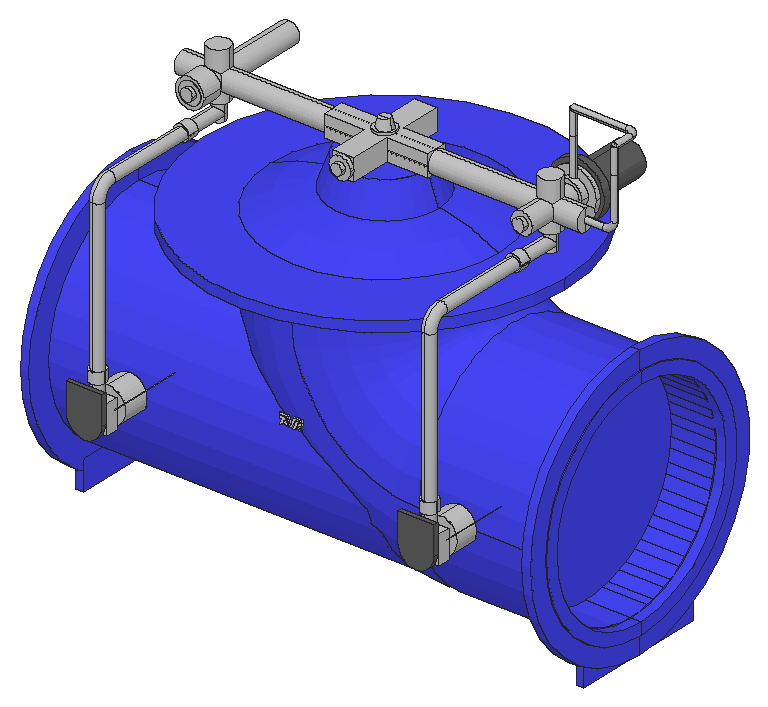
Revit family "859-000X-001 DN350-600", category Pipe Accessories, Revit 2022
Family settings
  Round Connector Dimension = Use Diameter
  Part Type = Valve - Breaks Into
  Work Plane-Based = No
  Always vertical = Yes
  Cut with Voids When Loaded = No
  Shared = No
Parameters (values of type "DN600_PN16 Pilot range ( 0.1 - 1)")
  sweep_box2 = Bolt_Dia / 2  # 22.1 mm
  sweep_box1 = Centre_D * 0.4  # 40 mm
  sweep_H1 = Bonnet_dim1_H * 1.4  # 78.365 mm
  sweep_H = (H3 - D) * 0.65  # 573.95 mm
  sweep_D = size_lookup(Search_table, "sweep_D", 0 mm, DN)  # 34 mm
  sweep1 = sweep_D * 0.5  # 17 mm
  sweep/2 = sweep1 / 2  # 8.5 mm
  sweep = sweep_D * 1.2  # 40.8 mm
  nut_dim = Bonnet_D1 * 0.5  # 231 mm
  dim2 = dim1 * 2.5  # 254.5 mm
  bore2 = D * 0.85  # 327.25 mm
  Sweep_R = sweep1 * 1.5  # 25.5 mm
  L3 = Bonnet_R * 1.1  # 533.61 mm
  dim1 = W1 * 0.2  # 101.8 mm
  centre = Bore1 * 1.3  # 468.234 mm
  W22 = W2 * 0.65  # 330.85 mm
  W2 = size_lookup(Search_table, "W2", 0 mm, DN)  # 509 mm
  W11 = (W1 - sweep_D) * 0.9  # 427.5 mm
  W1 = size_lookup(Search_table, "W1", 0 mm, DN)  # 509 mm
  W = W1 - (sweep_D / 2)  # 492 mm
  URL_product_pages = "https://www.avkvalves.com/P.aspx?no=8590065001140000"
  Thickness1 = Thickness * 1.2  # 21.6 mm
  Thickness = FL_T * 0.6  # 18 mm
  Raised_dis = size_lookup(Search_table, "Raised_dis", 0 mm, DN)  # 5 mm
  Raised_R = (D - Bore) * 0.4  # 33.94 mm
  Nut_T = FL_T * 0.65  # 19.5 mm
  Nut_Dim_T = 0 mm
  Nut_Dim2 = Control_dim1 * 0.4  # 12.128 mm
  Nut_Dim1 = Bolt_Dia * 1.3  # 57.46 mm
  L = size_lookup(Search_table, "L", 0 mm, DN)  # 1450 mm
  H4 = H33 * 2  # 150.993 mm
  H33 = (H3 - (D + Bonnet_dim1_H1)) * 0.3  # 75.496 mm
  H3 = size_lookup(Search_table, "H3", 0 mm, DN)  # 1268 mm
  FL_T = size_lookup(Search_table, "FL_T", 0 mm, DN)  # 30 mm
  DN600_PN16 Pilot range ( 0.1 - 1) = "859-0600-00-1140003"
  DN600_PN16 Pilot range ( 10 - 16) = "859-0600-00-1140002"
  DN600_PN16 Pilot range ( 5 - 10) = "859-0600-00-1140001"
  DN600_PN16 Pilot range ( 0.6 - 6) = "859-0600-00-1140000"
  DN600_PN10 Pilot range ( 0.1 - 1) = "859-0600-00-0140003"
  DN600_PN10 Pilot range ( 5 - 10) = "859-0600-00-0140001"
  DN600_PN10 Pilot range ( 0.6 - 6) = "859-0600-00-0140000"
  DN500_PN16 Pilot range ( 0.1 - 1) = "859-0500-00-1140003"
  DN500_PN16 Pilot range ( 10 - 16) = "859-0500-00-1140002"
  DN500_PN16 Pilot range ( 5 - 10) = "859-0500-00-1140001"
  DN500_PN16 Pilot range ( 0.6 - 6) = "859-0500-00-1140000"
  DN500_PN10 Pilot range ( 0.1 - 1) = "859-0500-00-0140003"
  DN500_PN10 Pilot range ( 5 - 10) = "859-0500-00-0140001"
  DN500_PN10 Pilot range ( 0.6 - 6) = "859-0500-00-0140000"
  DN450_PN10 Pilot range ( 0.1 - 1) = "859-0450-00-0140003"
  D = size_lookup(Search_table, "D", 0 mm, DN) / 2  # 385 mm
  Search_table = "859-000X-001 DN350-600"
  Description_ = "AVK CONTROL VALVE, PRESSURE REDUCING, PN10/16"
  Default Elevation = 0 mm
  DN350_PN16 Pilot range ( 10 - 16) = "859-0350-00-1140002"
  DN350_PN16 Pilot range ( 5 - 10) = "859-0350-00-1140001"
  DN350_PN16 Pilot range ( 0.6 - 6) = "859-0350-00-1140000"
  DN350_PN10 Pilot range ( 5 - 10) = "859-0350-00-0140001"
  DN350_PN10 Pilot range ( 0.6 - 6) = "859-0350-00-0140000"
  DN450_PN16 Pilot range (  0.1 - 1) = "859-0450-00-1140003"
  DN450_PN16 Pilot range ( 10 - 16) = "859-0450-00-1140002"
  DN450_PN16 Pilot range ( 5 - 10) = "859-0450-00-1140001"
  DN450_PN10 Pilot range ( 5 - 10) = "859-0450-00-0140001"
  DN450_PN10 Pilot range ( 0.6 - 6) = "859-0450-00-0140000"
  DN400_PN16 Pilot range ( 0.1 - 1) = "859-0400-00-1140003"
  DN400_PN16 Pilot range ( 10 - 16) = "859-0400-00-1140002"
  DN400_PN16 Pilot range ( 5 - 10) = "859-0400-00-1140001"
  DN400_PN16 Pilot range ( 0.6 - 6) = "859-0400-00-1140000"
  DN400_PN10 Pilot range ( 0.1 - 1) = "859-0400-00-0140003"
  DN400_PN10 Pilot range ( 5 - 10) = "859-0400-00-0140001"
  DN400_PN10 Pilot range ( 0.6 - 6) = "859-0400-00-0140000"
  DN350_PN16 Pilot range ( 0.1 - 1) = "859-0350-00-1140003"
  DN350_PN10 Pilot range ( 0.1 - 1) = "859-0350-00-0140003"
  DN = 600.3 mm
  Control_dim7 = Control_dim6 * 1.35  # 66.307 mm
  Control_dim6 = Control_dim5 * 1.2  # 49.116 mm
  Control_dim5 = Control_dim1 * 1.35  # 40.93 mm
  Control_dim4 = Bonnet_D1 * 0.9  # 415.8 mm
  Control_dim3 = Control_dim1 * 0.5  # 15.159 mm
  Control_dim2 = Bonnet_dim3 * 1.2  # 145.53 mm
  Control_dim1 = Bonnet_dim3 * 0.25  # 30.319 mm
  Centre_nut = Centre_D * 0.75  # 75 mm
  Centre_D1 = Centre_D * 0.8  # 80 mm
  Centre_D = size_lookup(Search_table, "Centre_D", 0 mm, DN)  # 100 mm
  Bore22 = Bore2 * 1.1  # 359.975 mm
  Bore2 = D * 0.85  # 327.25 mm
  Bore1 = Bore * 1.2  # 360.18 mm
  Bore = DN / 2  # 300.15 mm
  Bonnet_dim3 = Bonnet_dim2 * 0.75  # 121.275 mm
  Bonnet_dim2 = Bonnet_dim1 / 2  # 161.7 mm
  Bonnet_dim1_H1 = sweep_H * 1.1  # 631.345 mm
  Bonnet_dim1_H = (sweep_H - Body_H) / 2  # 55.975 mm
  Bonnet_dim1 = Bonnet_D1 * 0.7  # 323.4 mm
  Bonnet_R = Bonnet_dim1 * 1.5  # 485.1 mm
  Bonnet_D1 = D * 1.2  # 462 mm
  Bonnet_D = D * 0.6  # 231 mm
  Bolt_Dia = sweep_D * 1.3  # 44.2 mm
  Body_Rib_L = D * 0.5  # 192.5 mm
  Body_H = D * 1.2  # 462 mm
  Actuator_d = Control_dim7 * 1.2  # 79.569 mm
  Actuator_L1 = Actuator_L * 0.9  # 206.145 mm
  Actuator_L = W2 * 0.45  # 229.05 mm
  8 = 8 mm  # constant formula
  50 = 50 mm  # constant formula
  3 = 3 mm  # constant formula
  18 = 11 mm  # constant formula
  10 = 10 mm  # constant formula
  0 = 0 mm  # constant formula
Reference planes
  plane 1 "Center (Front/Back)": y = 0
  plane 2: z = 0
  plane 3 "Center (Left/Right)": x = 0
  plane 4: x = -725
  plane 5: x = 725
  plane 6: z = 300.15
  plane 7: z = -300.15
  plane 8: z = 462
  plane 9: z = 883
  plane 10: z = -385
  plane 11: y = -390.18
  plane 12: y = -360.18
  plane 13: y = -400.18
  plane 14: z = 517.975
  plane 15: z = 631.345
  plane 16: z = -303.15
  plane 17: x = 720
  plane 18: x = -720
  plane 19: x = -568.234
  plane 20: x = -468.234
  plane 21: x = 468.234
  plane 22: y = -444.5
  plane 23: y = -427.5
  plane 24: y = -323.4
  plane 25: z = 40
  plane 26: z = 807.504
  plane 27: z = 661.664
  plane 28: y = -145.53
  plane 29: y = -34.713
  plane 30: y = -157.657
  plane 31: z = 691.983
  plane 32: x = -300.15
  plane 33: z = 573.95
  plane 34: z = 596.05
  plane 35: z = 722.301
  plane 36: z = 80
  plane 37: y = -101.8
  plane 38: y = 330.85
  plane 39: y = 509
  plane 40: y = -30.319
  plane 41: y = 60.319
  plane 42: y = 30.319
  plane 43: y = 79.819
  plane 44: y = 99.319
  plane 45: x = 533.61
  plane 46: x = 574.54
  plane 47: x = 568.234
  plane 48: z = 874.5
  plane 49: through (0, 0, 1200) normal (-0.766, -0.6428, 0)
  plane 50: y = 94.8
  plane 51: z = 732.007
  plane 52: x = 648.234
  plane 53: y = 254.5
  plane 54: y = -509
Forms (mm)
  Revolve 1, solid, material "Laminate, Blue, Matte"
    sketch origin (0, 0, 0) x (1, 0, 0) y (0, 0, 1)
      loop
        line (-725, 300.15) -> (725, 300.15) -> (725, 334.09) -> (720, 334.09) -> (720, 385) -> (695, 385) -> (695, 318.15) -> (-695, 318.15) -> (-695, 385) -> (-720, 385) -> (-720, 334.09) -> (-725, 334.09) -> (-725, 300.15)
      axis (-725, 0) -> (725, 0)
    angle from 0 to 360
  Extrusion 2, solid, material "Laminate, Blue, Matte"
    sketch origin (-387.236, -1524, 462) x (-1, 0, 0) y (0, -1, 0)
      loop
        circle (-387.236, -1524) r 509
    from 0 to 30
  Extrusion 3, solid, material "Laminate, Blue, Matte"
    sketch origin (0, 0, 0) x (0, 1, 0) y (0, 0, 1)
      loop
        circle (0, 0) r 300.15
    from -568.234 to 568.234
  Extrusion 4, solid, material "Default Wall"
    sketch origin (0, -390.18, 1382.259) x (0, 0, 1) y (-1, 0, 0)
      loop
        circle (-1382.259, 468.234) r 50
      loop
        circle (-1382.259, -468.234) r 50
    from 0 to -390.18
  Extrusion 5, solid, material "Default Wall"
    sketch origin (0, -390.18, 1382.259) x (0, 0, 1) y (-1, 0, 0)
      loop
        circle (-1382.259, 468.234) r 22.1
      loop
        circle (-1382.259, -468.234) r 22.1
    from 0 to 37.32
  Sweep 6, solid, material "Default Wall"
    path origin (0, 0, 0) x (0, 1, 0) y (0, 0, 1)
      loop
        line (0, 0) -> (-386.7, 0)
        arc (-386.7, 0) -> (-415.55, 11.95) -> (-427.5, 40.8) r 40.8
        line (-427.5, 40.8) -> (-427.5, 533.15)
        arc (-427.5, 533.15) -> (-415.55, 562) -> (-386.7, 573.95) r 40.8
        line (-386.7, 573.95) -> (0, 573.95)
    profile origin (0, 0, 0) x (0, 0, -1) y (1, 0, 0)
      loop
        circle (0, -468.234) r 17
      loop
        circle (0, 468.234) r 17
  Revolve 7, solid, material "Laminate, Blue, Matte"
    sketch origin (0, 0, 0) x (1, 0, 0) y (0, 0, 1)
      loop
        line (0, 492) -> (323.4, 492)
        arc (323.4, 492) -> (165.898, 544.253) -> (0, 540.365) r 485.1
        line (0, 540.365) -> (0, 492)
      axis (0, 540.365) -> (0, 492)
    angle from 0 to 360
  Revolve 8, solid, material "Laminate, Blue, Matte"
    sketch origin (0, 0, 0) x (1, 0, 0) y (0, 0, 1)
      loop
        line (0, 517.975) -> (161.7, 517.975) -> (121.275, 631.345) -> (0, 631.345) -> (0, 517.975)
      axis (0, 517.975) -> (0, 631.345)
    angle from 0 to 360
  Extrusion 9, solid, material "Laminate, Blue, Matte"
    sketch origin (0, 0, 0) x (0, 1, 0) y (0, 0, 1)
      loop
        line (192.5, -303.15) -> (-192.5, -303.15) -> (-192.5, -385) -> (192.5, -385) -> (192.5, -303.15)
    from 695 to 717
  Extrusion 10, solid, material "Laminate, Blue, Matte"
    sketch origin (0, 0, 0) x (0, 1, 0) y (0, 0, 1)
      loop
        line (192.5, -303.15) -> (-192.5, -303.15) -> (-192.5, -385) -> (192.5, -385) -> (192.5, -303.15)
    from -695 to -717
  Extrusion 11, solid, material "Default Wall"
    sketch origin (0, 0, 0) x (1, 0, 0) y (0, 0, 1)
      loop
        line (-508.234, 40) -> (-508.234, -40) -> (-428.234, -40) -> (-428.234, 40) -> (-508.234, 40)
      loop
        line (428.234, 40) -> (428.234, -40) -> (508.234, -40) -> (508.234, 40) -> (428.234, 40)
    from 410.5 to 444.5
  Extrusion 12, solid, material "Default Wall"
    sketch origin (0, 0, 0) x (1, 0, 0) y (0, 0, 1)
      loop
        circle (-468.234, 0) r 17
      loop
        circle (468.234, 0) r 17
    from 0 to 461.5
  Extrusion 13, solid, material "Default Roof"
    sketch origin (0, 0, 0) x (1, 0, 0) y (0, 0, 1)
      loop
        arc (-518.234, 0) -> (-503.589, -35.355) -> (-468.234, -50) r 50
        arc (-468.234, -50) -> (-432.879, -35.355) -> (-418.234, 0) r 50
        line (-418.234, 0) -> (-418.234, 80) -> (-518.234, 80) -> (-518.234, 0)
      loop
        arc (418.234, 0) -> (429.65, -31.801) -> (458.685, -49.08) r 50
        arc (458.685, -49.08) -> (500.035, -38.584) -> (518.234, 0) r 50
        line (518.234, 0) -> (518.234, 80) -> (418.234, 80) -> (418.234, 0)
    from 474.5 to 461.5
  Extrusion 14, solid, material "Default Wall"
    sketch origin (-741.585, -1524, 631.345) x (-1, 0, 0) y (0, -1, 0)
      loop
        line (-771.904, -1554.319) -> (-771.904, -1669.53) -> (-711.266, -1669.53) -> (-711.266, -1554.319) -> (-596.055, -1554.319) -> (-596.055, -1493.681) -> (-711.266, -1493.681) -> (-711.266, -1378.47) -> (-771.904, -1378.47) -> (-771.904, -1493.681) -> (-887.115, -1493.681) -> (-887.115, -1554.319) -> (-771.904, -1554.319)
    from 0 to 60.638
  Revolve 15, solid, material "Default Wall"
    sketch origin (0, 0, 0) x (1, 0, 0) y (0, 0, 1)
      loop
        line (0, 661.664) -> (30.319, 661.664) -> (15.159, 722.301) -> (0, 722.301) -> (0, 661.664)
      axis (0, 722.301) -> (0, 661.664)
    angle from 0 to 360
  Extrusion 16, solid, material "Default Wall"
    sketch origin (0, 0, 0) x (1, 0, 0) y (0, 0, 1)
      loop
        circle (0, 661.664) r 30.319
    from 145.53 to 157.657
  Extrusion 17, solid, material "Default Wall"
    sketch origin (0, 0, 0) x (1, 0, 0) y (0, 0, 1)
      loop
        circle (0, 661.664) r 15.159
    from 157.658 to 169.785
  Extrusion 18, solid, material "Default Wall"
    sketch origin (-741.585, -1524, 631.345) x (-1, 0, 0) y (0, -1, 0)
      loop
        circle (-741.585, -1524) r 30.319
    from 60.638 to 65.638
  Sweep 19, solid, material "Laminate, Blue, Matte"
    path origin (0, 0, 0) x (1, 0, 0) y (0, 0, 1)
      loop
        line (0, 462) -> (0, 359.975)
        arc (0, 359.975) -> (105.434, 105.434) -> (359.975, 0) r 359.975
        line (359.975, 0) -> (695, 0)
    profile origin (0, 0, 462) x (0, -1, 0) y (1, 0, 0)
      loop
        circle (0, 0) r 300.15
      loop
        circle (0, 0) r 327.25
  Extrusion 20, solid, material "Default Wall"
    sketch origin (-741.585, -1524, 631.345) x (-1, 0, 0) y (0, -1, 0)
      loop
        circle (-273.351, -1524) r 30.319
      loop
        circle (-1209.819, -1524) r 30.319
    from -25.295 to 110.456
  Extrusion 21, solid, material "Default Wall"
    sketch origin (-741.585, -1524, 631.345) x (-1, 0, 0) y (0, -1, 0)
      loop
        circle (-273.351, -1524) r 17
      loop
        circle (-1209.819, -1524) r 17
    from 30.319 to -79.495
  Extrusion 22, solid, material "Default Wall"
    sketch origin (0, 0, 0) x (1, 0, 0) y (0, 0, 1)
      loop
        circle (-468.234, 573.95) r 22.1
      loop
        circle (468.234, 573.95) r 22.1
    from 101.8 to 131.8
  Extrusion 23, solid, material "Default Wall"
    sketch origin (-741.585, -1524, 631.345) x (-1, 0, 0) y (0, -1, 0)
      loop
        circle (-273.351, -1096.5) r 22.1
      loop
        circle (-1209.819, -1096.5) r 22.1
    from -551.345 to -521.345
  Extrusion 24, solid, material "Default Wall"
    sketch origin (0, 0, 0) x (1, 0, 0) y (0, 0, 1)
      loop
        circle (-468.234, 661.664) r 40.93
    from 44.713 to 101.8
  Extrusion 25, solid, material "Default Wall"
    sketch origin (0, 0, 0) x (1, 0, 0) y (0, 0, 1)
      loop
        circle (-468.234, 661.664) r 17
      loop
        circle (468.234, 661.664) r 17
    from 101.8 to 113.927
  Extrusion 26, solid, material "Default Wall"
    sketch origin (0, 0, 13.394) x (1, 0, 0) y (0, 0, 1)
      loop
        circle (468.234, 648.27) r 40.93
    from -79.819 to -60.319
  Extrusion 27, solid, material "Default Wall"
    sketch origin (0, 0, 0) x (1, 0, 0) y (0, 0, 1)
      loop
        circle (468.234, 661.664) r 66.307
    from -99.319 to -79.819
  Revolve 28, solid, material "Default"
    sketch origin (468.234, -1524, 720.321) x (0, 0, 1) y (0, -1, 0)
      loop
        line (-58.657, -1615.17) -> (-58.657, -1798) -> (-9.541, -1798) -> (-9.541, -1634.67) -> (20.912, -1634.67) -> (20.912, -1615.17) -> (-58.657, -1615.17)
      axis (-58.657, -1615.17) -> (-58.657, -1798)
    angle from 0 to 360
  Revolve 29, solid, material "Default Wall"
    sketch origin (0, 0, 0) x (1, 0, 0) y (0, 0, 1)
      loop
        line (-568.234, 691.983) -> (-568.234, 661.664) -> (568.234, 661.664) -> (568.234, 691.983) -> (-568.234, 691.983)
      axis (-568.234, 661.664) -> (568.234, 661.664)
    angle from 0 to 360
  Sweep 30, solid, material "Default Wall"
    path origin (0, 0, 0) x (1, 0, 0) y (0, 0, 1)
      loop
        line (568.234, 661.664) -> (622.734, 661.664)
        arc (622.734, 661.664) -> (640.765, 669.133) -> (648.234, 687.164) r 25.5
        line (648.234, 687.164) -> (648.234, 807.504)
    profile origin (648.234, 0, 807.504) x (-1, 0, 0) y (0, -1, 0)
      loop
        circle (0, 0) r 8.5
  Extrusion 31, solid, material "Default Wall"
    sketch origin (-470.377, -1524, 874.5) x (-1, 0, 0) y (0, -1, 0)
      loop
        circle (-938.611, -1603.819) r 8.5
      loop
        circle (-1118.611, -1524) r 8.5
    from 0 to -66.996
  Extrusion 32, solid, material "Default Wall"
    sketch origin (-470.377, -1524, 874.5) x (-1, 0, 0) y (0, -1, 0)
      loop
        circle (-938.611, -1603.819) r 8.5
    from -212.836 to 0
  Sweep 33, solid, material "Default Wall"
    path origin (-470.377, -1524, 874.5) x (-1, 0, 0) y (0, -1, 0)
      loop
        line (-938.611, -1603.819) -> (-1093.111, -1603.819)
        arc (-1093.111, -1603.819) -> (-1111.142, -1596.35) -> (-1118.611, -1578.319) r 25.5
        line (-1118.611, -1578.319) -> (-1118.611, -1524)
    profile origin (545.484, 79.819, 874.5) x (0, 1, 0) y (0, 0, 1)
      loop
        circle (0, 0) r 8.5
  Extrusion 34, solid, material "Default Wall"
    sketch origin (4267.2, 79.819, 742.449) x (0, 0, 1) y (1, 0, 0)
      loop
        circle (-80.786, -4735.434) r 30.319
      loop
        circle (-80.786, -3798.966) r 30.319
    from -181.619 to 166.681
Dimensions and locks
  equal spacing: plane 5, plane 3 "Center (Left/Right)", plane 4
  "L": plane 5 to plane 4
  equal spacing: plane 6, level, plane 7
  "Bore": plane 6 to level
  equal spacing: Revolve 1 sketch curve, plane 3 "Center (Left/Right)", Revolve 1 sketch curve  (x2)
  "FL_T": Revolve 1 sketch curve to plane 4
  "Raised_dis": Revolve 1 sketch curve to plane 4
  "Thickness": Revolve 1 sketch curve to plane 6
  "D": Revolve 1 sketch curve to level
  "Body_H": plane 8 to level
  equal spacing: Extrusion 2 sketch curve, plane 3 "Center (Left/Right)", Extrusion 2 sketch curve
  equal spacing: Extrusion 2 sketch curve, plane 1 "Center (Front/Back)", Extrusion 2 sketch curve
  "FL_T": Extrusion 2 to plane 8
  "D": level to plane 10
  "H3": plane 9 to plane 10
  equal spacing: Extrusion 3 sketch curve, plane 1 "Center (Front/Back)", Extrusion 3 sketch curve
  equal spacing: Extrusion 3 sketch curve, level, Extrusion 3 sketch curve
  equal spacing: Extrusion 3, plane 3 "Center (Left/Right)", Extrusion 3
  equal spacing: Extrusion 4 sketch curve, plane 3 "Center (Left/Right)", Extrusion 4 sketch curve
  "centre": plane 3 "Center (Left/Right)" to Extrusion 4 sketch curve
  "FL_T": plane 12 to plane 11
  "Bore1": plane 1 "Center (Front/Back)" to plane 12
  equal spacing: Extrusion 5 sketch curve, plane 3 "Center (Left/Right)", Extrusion 5 sketch curve
  equal spacing: Extrusion 5 sketch curve, level, Extrusion 5 sketch curve  (x2)
  "centre": Extrusion 5 sketch curve to plane 3 "Center (Left/Right)"
  plane 13 to plane 1 "Center (Front/Back)" = 400.18 mm
  "10": plane 13 to plane 11
  "sweep_H": Sweep 6 sketch curve to level
  "W11": Sweep 6 sketch curve to plane 1 "Center (Front/Back)"
  equal spacing: Sweep 6 sketch curve, level, Sweep 6 sketch curve  (x2)
  "centre": plane 3 "Center (Left/Right)" to Sweep 6 sketch curve
  equal spacing: Sweep 6 sketch curve, plane 3 "Center (Left/Right)", Sweep 6 sketch curve
  "FL_T": Revolve 7 sketch curve to plane 8
  "Bonnet_dim1": Revolve 7 sketch curve to plane 3 "Center (Left/Right)"
  "Bonnet_dim1_H1": plane 15 to level
  "Bonnet_dim3": Revolve 8 sketch curve to plane 3 "Center (Left/Right)"
  "Bonnet_dim2": Revolve 8 sketch curve to plane 3 "Center (Left/Right)"
  "Bonnet_dim1_H": plane 14 to plane 8
  "sweep_H1": Revolve 7 sketch curve to plane 8
  equal spacing: Extrusion 9 sketch curve, plane 1 "Center (Front/Back)", Extrusion 9 sketch curve
  "Body_Rib_L": Extrusion 9 sketch curve to plane 1 "Center (Front/Back)"
  "3": plane 7 to plane 16
  "FL_T": plane 5 to Extrusion 9
  "Raised_dis": plane 17 to plane 5
  equal spacing: Extrusion 10 sketch curve, plane 1 "Center (Front/Back)", Extrusion 10 sketch curve
  "Body_Rib_L": Extrusion 10 sketch curve to plane 1 "Center (Front/Back)"
  "3": plane 7 to Extrusion 10 sketch curve
  "FL_T": Extrusion 10 to plane 4
  "Raised_dis": plane 18 to plane 4
  "3": plane 18 to Extrusion 10
  equal spacing: Extrusion 9, plane 3 "Center (Left/Right)", Extrusion 10
  equal spacing: plane 21, plane 3 "Center (Left/Right)", plane 20
  "centre": plane 3 "Center (Left/Right)" to plane 20
  "Centre_D": plane 20 to plane 19
  equal spacing: Extrusion 11 sketch curve, level, Extrusion 11 sketch curve
  equal spacing: Extrusion 11 sketch curve, plane 20, Extrusion 11 sketch curve
  equal spacing: Extrusion 11 sketch curve, plane 3 "Center (Left/Right)", Extrusion 11 sketch curve  (x2)
  "sweep_box1": plane 20 to Extrusion 11 sketch curve
  "sweep_box1": Extrusion 11 sketch curve to level
  equal spacing: plane 22, plane 23, Extrusion 11
  "W11": plane 23 to plane 1 "Center (Front/Back)"
  "Bonnet_dim1": plane 24 to plane 1 "Center (Front/Back)"
  "sweep_box1": plane 25 to level
  "sweep_box1": Extrusion 13 to plane 25
  "H33": plane 9 to plane 26
  equal spacing: Extrusion 14 sketch curve, plane 3 "Center (Left/Right)", Extrusion 14 sketch curve  (x2)
  equal spacing: Extrusion 14 sketch curve, plane 1 "Center (Front/Back)", Extrusion 14 sketch curve  (x2)
  "Control_dim2": Extrusion 14 sketch curve to plane 3 "Center (Left/Right)"
  "Control_dim2": plane 1 "Center (Front/Back)" to Extrusion 14 sketch curve
  "Control_dim1": plane 3 "Center (Left/Right)" to Extrusion 14 sketch curve
  "Control_dim1": plane 1 "Center (Front/Back)" to Extrusion 14 sketch curve
  "Control_dim3": Revolve 15 sketch curve to plane 3 "Center (Left/Right)"
  "Control_dim1": Revolve 15 sketch curve to Extrusion 14
  "Raised_R": Revolve 1 sketch curve to plane 6
  "Control_dim1": plane 27 to plane 15
  "Control_dim1": Extrusion 14 to plane 27
  "Control_dim1": Revolve 15 sketch curve to plane 3 "Center (Left/Right)"
  equal spacing: Extrusion 16 sketch curve, plane 3 "Center (Left/Right)", Extrusion 16 sketch curve
  equal spacing: Extrusion 16 sketch curve, plane 27, Extrusion 16 sketch curve
  "Control_dim2": plane 28 to plane 1 "Center (Front/Back)"
  "Nut_Dim2": Extrusion 16 to plane 28
  equal spacing: Extrusion 17 sketch curve, plane 3 "Center (Left/Right)", Extrusion 17 sketch curve
  equal spacing: Extrusion 17 sketch curve, plane 27, Extrusion 17 sketch curve
  "Nut_Dim2": plane 30 to plane 28
  "Nut_Dim2": Extrusion 17 to plane 30
  equal spacing: Extrusion 18 sketch curve, plane 3 "Center (Left/Right)", Extrusion 18 sketch curve
  equal spacing: Extrusion 18 sketch curve, Extrusion 4, Extrusion 18 sketch curve
  "Control_dim1": plane 31 to plane 27
  "Raised_dis": Extrusion 18 to plane 31
  "FL_T": plane 5 to Sweep 19 sketch curve
  equal spacing: Sweep 19 sketch curve, plane 3 "Center (Left/Right)", Sweep 19 sketch curve  (x2)
  equal spacing: Sweep 19 sketch curve, plane 1 "Center (Front/Back)", Sweep 19 sketch curve  (x2)
  "Bore": plane 32 to plane 3 "Center (Left/Right)"
  equal spacing: Extrusion 20 sketch curve, plane 1 "Center (Front/Back)", Extrusion 20 sketch curve  (x2)
  equal spacing: Extrusion 20 sketch curve, plane 3 "Center (Left/Right)", Extrusion 20 sketch curve
  equal spacing: Extrusion 20 sketch curve, plane 20, Extrusion 20 sketch curve
  "sweep_H": plane 33 to level
  "sweep_box2": plane 34 to plane 33
  "10": Extrusion 20 to plane 34
  "Control_dim1": plane 35 to plane 31
  equal spacing: Extrusion 21 sketch curve, plane 1 "Center (Front/Back)", Extrusion 21 sketch curve  (x2)
  equal spacing: Extrusion 21 sketch curve, plane 3 "Center (Left/Right)", Extrusion 21 sketch curve
  "centre": Extrusion 21 sketch curve to plane 3 "Center (Left/Right)"
  "sweep_box2": plane 33 to Extrusion 21
  equal spacing: Extrusion 22 sketch curve, plane 3 "Center (Left/Right)", Extrusion 22 sketch curve
  equal spacing: Extrusion 22 sketch curve, plane 20, Extrusion 22 sketch curve
  "sweep_H": Extrusion 22 sketch curve to level  (x2)
  equal spacing: Extrusion 23 sketch curve, plane 3 "Center (Left/Right)", Extrusion 23 sketch curve
  "W11": Extrusion 23 sketch curve to plane 1 "Center (Front/Back)"  (x2)
  equal spacing: Extrusion 23 sketch curve, plane 20, Extrusion 23 sketch curve
  "sweep_box1": plane 36 to plane 25
  "FL_T": Extrusion 23 to plane 36
  "dim1": plane 37 to plane 1 "Center (Front/Back)"
  "FL_T": Extrusion 22 to plane 37
  "W22": plane 1 "Center (Front/Back)" to plane 38
  "W2": plane 1 "Center (Front/Back)" to plane 39
  equal spacing: Extrusion 24 sketch curve, plane 20, Extrusion 24 sketch curve
  equal spacing: Extrusion 24 sketch curve, plane 27, Extrusion 24 sketch curve
  "Control_dim1": plane 40 to plane 1 "Center (Front/Back)"
  "10": Extrusion 24 to plane 29
  equal spacing: Extrusion 25 sketch curve, plane 20, Extrusion 25 sketch curve
  equal spacing: Extrusion 25 sketch curve, plane 27, Extrusion 25 sketch curve  (x2)
  equal spacing: Extrusion 25 sketch curve, plane 3 "Center (Left/Right)", Extrusion 25 sketch curve
  "Nut_Dim2": Extrusion 25 to plane 37
  equal spacing: Extrusion 26 sketch curve, plane 21, Extrusion 26 sketch curve
  equal spacing: Extrusion 26 sketch curve, plane 27, Extrusion 26 sketch curve
  "Control_dim1": plane 1 "Center (Front/Back)" to plane 42
  "Nut_T": plane 41 to plane 43
  "FL_T": plane 42 to plane 41
  "Nut_T": plane 43 to plane 44
  equal spacing: Extrusion 27 sketch curve, plane 21, Extrusion 27 sketch curve
  equal spacing: Extrusion 27 sketch curve, plane 27, Extrusion 27 sketch curve
  "Nut_T": Extrusion 20 to plane 35
  "Nut_T": plane 43 to Extrusion 27
  "Control_dim1": Revolve 29 sketch curve to plane 27
  "L3": plane 3 "Center (Left/Right)" to plane 45
  "Control_dim5": plane 45 to plane 46
  equal spacing: Revolve 29 sketch curve, plane 3 "Center (Left/Right)", Revolve 29 sketch curve
  "Centre_D": plane 21 to plane 47
  "Centre_D1": plane 47 to Sweep 30 sketch curve
  equal spacing: Sweep 30 sketch curve, profile plane, Sweep 30 sketch curve  (x2)
  "sweep/2": plane 9 to plane 48
  "H4": plane 9 to plane 51
  "Actuator_d": Revolve 28 sketch curve to plane 27
  equal spacing: Extrusion 31 sketch curve, plane 21, Extrusion 31 sketch curve
  equal spacing: Extrusion 31 sketch curve, plane 43, Extrusion 31 sketch curve
  "Centre_D1": plane 47 to Sweep 33 sketch curve
  equal spacing: Sweep 33 sketch curve, profile plane, Sweep 33 sketch curve  (x2)
  "Centre_D1": plane 47 to plane 52
  plane 5 to plane 4 = 1450 mm
  plane 1 "Center (Front/Back)" to plane 39 = 509 mm
  plane 9 to plane 10 = 1268 mm
  "Control_dim6": Revolve 28 sketch curve to plane 27
  "Nut_T": Revolve 28 sketch curve to Revolve 28 sketch curve
  equal spacing: Extrusion 34 sketch curve, plane 27, Extrusion 34 sketch curve  (x2)
  equal spacing: Extrusion 34 sketch curve, plane 20, Extrusion 34 sketch curve
  equal spacing: Extrusion 34 sketch curve, plane 21, Extrusion 34 sketch curve
  "dim2": plane 1 "Center (Front/Back)" to plane 53
  "8": Extrusion 34 to plane 53
  "Nut_T": plane 53 to Revolve 28
  "sweep1": plane 22 to plane 23
  "sweep1": Extrusion 13 to plane 22
  "FL_T": Extrusion 13 to plane 22
  "W2": plane 54 to plane 1 "Center (Front/Back)"
  "W2": radius of Extrusion 2 sketch curve
  "Bore": radius of Extrusion 3 sketch curve
  "Centre_D": diameter of Extrusion 4 sketch curve  (x2)
  "Bolt_Dia": diameter of Extrusion 5 sketch curve  (x2)
  "sweep": radius of Sweep 6 sketch curve  (x2)
  "sweep_D": diameter of Sweep 6 sketch curve  (x2)
  "Bonnet_R": radius of Revolve 7 sketch curve
  "Control_dim1": radius of Extrusion 16 sketch curve
  "Control_dim3": radius of Extrusion 17 sketch curve
  "Control_dim1": radius of Extrusion 18 sketch curve
  "Bore22": radius of Sweep 19 sketch curve
  "Bore": radius of Sweep 19 sketch curve
  "Control_dim1": radius of Extrusion 20 sketch curve  (x2)
  "sweep_D": diameter of Extrusion 21 sketch curve  (x2)
  "Bolt_Dia": diameter of Extrusion 22 sketch curve  (x2)
  "Bolt_Dia": diameter of Extrusion 23 sketch curve  (x2)
  "Control_dim5": radius of Extrusion 24 sketch curve
  "sweep_D": diameter of Extrusion 25 sketch curve  (x2)
  "Control_dim5": radius of Extrusion 26 sketch curve
  "Control_dim7": radius of Extrusion 27 sketch curve
  "Sweep_R": radius of Sweep 30 sketch curve
  "sweep1": diameter of Sweep 30 sketch curve
  "sweep1": diameter of Extrusion 31 sketch curve
  "Sweep_R": radius of Sweep 33 sketch curve
  "sweep1": diameter of Sweep 33 sketch curve
  "Bore2": radius of Sweep 19 sketch curve
  "Control_dim1": radius of Extrusion 34 sketch curve  (x2)
  aligned and locked: level to plane 2
  aligned and locked: Revolve 1 sketch curve to Revolve 1 sketch curve  (x2)
  aligned and locked: Revolve 1 sketch curve to plane 6
  aligned and locked: plane 5 to Revolve 1 sketch curve
  aligned and locked: Revolve 1 sketch curve to level
  aligned and locked: Extrusion 2 to plane 8
  aligned and locked: plane 1 "Center (Front/Back)" to Extrusion 4
  aligned and locked: plane 11 to Extrusion 4
  aligned and locked: level to Sweep 6 sketch curve
  aligned and locked: plane 1 "Center (Front/Back)" to Sweep 6 sketch curve  (x2)
  aligned and locked: Revolve 7 sketch curve to plane 3 "Center (Left/Right)"
  aligned and locked: Revolve 8 sketch curve to plane 3 "Center (Left/Right)"  (x2)
  aligned and locked: Revolve 8 sketch curve to plane 14
  aligned and locked: plane 15 to Revolve 8 sketch curve
  aligned and locked: Extrusion 9 sketch curve to plane 10
  aligned and locked: plane 16 to Extrusion 9
  aligned and locked: plane 10 to Extrusion 10 sketch curve
  aligned and locked: plane 19 to Extrusion 3
  aligned and locked: Extrusion 11 sketch curve to Extrusion 11 sketch curve  (x2)
  aligned and locked: plane 22 to Extrusion 11
  aligned and locked: Extrusion 12 sketch curve to Sweep 6  (x3)
  aligned and locked: Extrusion 13 sketch curve to Extrusion 4  (x4)
  aligned and locked: Extrusion 13 to Extrusion 12
  aligned and locked: Extrusion 13 to Extrusion 13
  aligned and locked: Extrusion 5 to Extrusion 4
  aligned and locked: plane 23 to Extrusion 5
  aligned and locked: Extrusion 14 sketch curve to Extrusion 14 sketch curve  (x4)
  aligned and locked: plane 3 "Center (Left/Right)" to Revolve 15 sketch curve
  aligned and locked: Revolve 15 sketch curve to plane 3 "Center (Left/Right)"
  aligned and locked: plane 27 to Revolve 15 sketch curve
  aligned and locked: Extrusion 16 to Extrusion 14
  aligned and locked: Extrusion 17 to Extrusion 16
  aligned and locked: Extrusion 18 to Extrusion 14
  aligned and locked: Sweep 19 sketch curve to plane 3 "Center (Left/Right)"
  aligned and locked: Sweep 19 sketch curve to level
  aligned and locked: plane 8 to Sweep 19 sketch curve
  aligned and locked: plane 27 to Extrusion 21
  aligned and locked: Extrusion 23 to plane 36
  aligned and locked: Extrusion 22 to plane 37
  aligned and locked: Extrusion 25 to plane 37
  aligned and locked: plane 41 to Extrusion 26
  aligned and locked: plane 43 to Extrusion 26
  aligned and locked: Extrusion 27 to plane 43
  aligned and locked: plane 27 to Revolve 28 sketch curve
  aligned and locked: Revolve 28 sketch curve to plane 27
  aligned and locked: plane 27 to Revolve 29 sketch curve
  aligned and locked: Revolve 29 sketch curve to plane 27
  aligned and locked: plane 37 to Extrusion 24
  aligned and locked: plane 19 to Revolve 29 sketch curve
  aligned and locked: Sweep 30 sketch curve to plane 26
  aligned and locked: Sweep 30 sketch curve to plane 47
  aligned and locked: Sweep 30 sketch curve to plane 27
  aligned and locked: Extrusion 31 sketch curve to Sweep 30  (x2)
  aligned and locked: plane 48 to Extrusion 31
  aligned and locked: plane 26 to Extrusion 31
  aligned and locked: Extrusion 32 sketch curve to Extrusion 31  (x2)
  aligned and locked: Extrusion 32 to plane 27
  aligned and locked: Extrusion 32 to plane 48
  aligned and locked: plane 43 to Sweep 33 sketch curve
  aligned and locked: nested 1 to plane 36
  aligned and locked: plane 37 to Extrusion 34
Automatic sketch dimensions
  Extrusion 13 sketch curve to plane 20 = 0 mm
  Extrusion 13 sketch curve to plane 36 = 0 mm  (x2)
  plane 21 to Extrusion 13 sketch curve = 9.549 mm
  plane 17 to Revolve 1 sketch curve = 0 mm
  plane 19 to Revolve 1 sketch curve = 30.096 mm
  plane 17 to Revolve 1 sketch curve = 9 mm
  Extrusion 4 sketch curve to level = 0 mm  (x2)
  Revolve 7 sketch curve to plane 3 "Center (Left/Right)" = 0 mm
  Revolve 7 sketch curve to plane 9 = 0 mm
  Revolve 7 sketch curve to Revolve 7 sketch curve = 2.446 mm
  plane 33 to Revolve 8 sketch curve = 4.583 mm
  Revolve 8 sketch curve to plane 9 = 0.672 mm
  Extrusion 9 sketch curve to plane 16 = 0 mm
  Revolve 15 sketch curve to plane 35 = 0.075 mm
  plane 9 to Revolve 15 sketch curve = 77.17 mm
  plane 53 to Revolve 28 sketch curve = 19.5 mm
  Revolve 28 sketch curve to plane 44 = 11.351 mm
  Revolve 28 sketch curve to Revolve 28 sketch curve = 11.765 mm
  plane 39 to Revolve 28 sketch curve = 26.605 mm
  Revolve 29 sketch curve to Revolve 29 sketch curve = 31.532 mm
  Revolve 29 sketch curve to plane 4 = 30.436 mm
  Sweep 33 sketch curve to plane 21 = 0 mm
  plane 1 "Center (Front/Back)" to Sweep 33 sketch curve = 0 mm
Nested families
  nested 1: "logo medium-11" at (-0.381, -327.25, 88.594) x (1, -0.0012, 0) z (-0.0012, -1, 0), type "logo medium-11"
Connectors
  piping at (-725, 0, 0), diameter 600.3, driven by "DN"
    settings: on Revolve 1, index 1, connector inside diameter 609.6 mm, connector length 0 mm, flow factor 0, pipe flow 0.0 L/s, pressure drop 0.0 Pa, fitting loss kfactor 0, connector angle 0.00°, fixture units 0, engagement length 0 mm, angle of deflection 0.00°, flow configuration 0, flow direction 0, fitting loss method 0, system type 7, joint type 0, gender type 0, connector reference index -1, connector utility 0, adjustable connector no, is connector primary yes, connector description ""
  piping at (725, 0, 0), diameter 600.3, driven by "DN"
    settings: on Revolve 1, index 2, connector inside diameter 609.6 mm, connector length 0 mm, flow factor 0, pipe flow 0.0 L/s, pressure drop 0.0 Pa, fitting loss kfactor 0, connector angle 0.00°, fixture units 0, engagement length 0 mm, angle of deflection 0.00°, flow configuration 0, flow direction 0, fitting loss method 0, system type 7, joint type 0, gender type 0, connector reference index -1, connector utility 0, adjustable connector no, is connector primary no, connector description ""
Definition of nested family "logo medium-11"
  Parameters
    Default Elevation = 1219.2 mm
  Reference planes
    plane 1 "Center (Front/Back)": y = 0
    plane 2: z = 0
    plane 3 "Center (Left/Right)": x = 0
  Forms (mm)
    Extrusion 1, solid
      sketch origin (0, 0, 0) x (1, 0, 0) y (0, 1, 0)
        loop
          line (-1219.2, 1219.2) -> (-1219.2, -1219.2) -> (1219.2, -1219.2) -> (1219.2, 1219.2) -> (-1219.2, 1219.2)
      from 0 to -188.781
    Extrusion 2, solid
      sketch origin (0, 0, 0) x (1, 0, 0) y (0, 1, 0)
        loop
          line (-30.911, 14.607) -> (-12.952, 14.607) -> (-3.438, -8.594) -> (3.26, -8.594) -> (12.676, 14.607) -> (30.732, 14.607) -> (30.732, 20.529) -> (7.968, 20.529) -> (0, 0) -> (-8.195, 20.529) -> (-30.911, 20.529) -> (-30.911, 14.607)
        loop
          line (30.732, 6.453) -> (30.732, 12.569) -> (24.908, 12.569)
          arc (24.908, 12.569) -> (22.993, 7.075) -> (17.724, 4.608) r 7.492
          line (17.724, 4.608) -> (20.928, 12.569) -> (14.521, 12.569) -> (5.881, -8.594) -> (12.434, -8.594) -> (15.777, -0.405) -> (21.354, -8.594) -> (29.424, -8.594) -> (22.319, 0.649)
          arc (22.319, 0.649) -> (26.344, 2.972) -> (29.424, 6.453) r 14.456
          line (29.424, 6.453) -> (30.732, 6.453)
        loop
          line (-5.865, -8.594) -> (-14.796, 12.569) -> (-30.911, 12.569) -> (-30.911, 6.453) -> (-25.086, 6.453) -> (-30.911, -8.594) -> (-25.086, -8.594) -> (-23.728, -5.084) -> (-13.656, -5.084) -> (-12.175, -8.594) -> (-5.865, -8.594)
        loop
          line (-18.776, 7.618) -> (-21.494, 0) -> (-15.961, 0) -> (-18.776, 7.618)
      from 0 to 2
  Dimensions and locks
    aligned and locked: plane 2 to Extrusion 1
    aligned and locked: level to Extrusion 1
    aligned and locked: Extrusion 2 sketch curve to import instance  (x36)
Types (35, lengths in mm): name | sweep_box2 | sweep_box1 | sweep_H1 | sweep_H | sweep_D | sweep1 | sweep/2 | sweep | nut_dim | dim2 | bore2 | Sweep_R | L3 | dim1 | centre | W22 | W2 | W11 | W1 | W | Thickness1 | Thickness | Raised_dis | Raised_R | Nut_T | Nut_Dim2 | Nut_Dim1 | L | H4 | H33 | H3 | FL_T | D | DN | Control_dim7 | Control_dim6 | Control_dim5 | Control_dim4 | Control_dim3 | Control_dim2 | Control_dim1 | Centre_nut | Centre_D1 | Centre_D | Bore22 | Bore2 | Bore1 | Bore | Bonnet_dim3 | Bonnet_dim2 | Bonnet_dim1_H1 | Bonnet_dim1_H | Bonnet_dim1 | Bonnet_R | Bonnet_D1 | Bonnet_D | Bolt_Dia | Body_Rib_L | Body_H | Actuator_d | Actuator_L1 | Actuator_L
  (no name) | 22.1 | 40 | 78.365 | 573.95 | 34 | 17 | 8.5 | 40.8 | 231 | 254.5 | 327.25 | 25.5 | 533.61 | 101.8 | 468.234 | 330.85 | 509 | 427.5 | 509 | 492 | 21.6 | 18 | 5 | 33.94 | 19.5 | 12.128 | 57.46 | 1450 | 150.993 | 75.496 | 1268 | 30 | 385 | 600.3 | 66.307 | 49.116 | 40.93 | 415.8 | 15.159 | 145.53 | 30.319 | 75 | 80 | 100 | 359.975 | 327.25 | 360.18 | 300.15 | 121.275 | 161.7 | 631.345 | 55.975 | 323.4 | 485.1 | 462 | 231 | 44.2 | 192.5 | 462 | 79.569 | 206.145 | 229.05
  DN350_PN10 Pilot range ( 0.6 - 6) | 16.25 | 28 | 56.945 | 363.35 | 25 | 12.5 | 6.25 | 30 | 141 | 151 | 199.75 | 18.75 | 325.71 | 60.4 | 273.078 | 196.3 | 302 | 249.3 | 302 | 289.5 | 17.64 | 14.7 | 4 | 23.98 | 15.925 | 7.402 | 42.25 | 980 | 95.589 | 47.794 | 794 | 24.5 | 235 | 350.1 | 40.473 | 29.98 | 24.983 | 253.8 | 9.253 | 88.83 | 18.506 | 52.5 | 56 | 70 | 219.725 | 199.75 | 210.06 | 175.05 | 74.025 | 98.7 | 399.685 | 40.675 | 197.4 | 296.1 | 282 | 141 | 32.5 | 117.5 | 282 | 48.568 | 122.31 | 135.9
  DN350_PN10 Pilot range ( 5 - 10) | 16.25 | 28 | 56.945 | 363.35 | 25 | 12.5 | 6.25 | 30 | 141 | 151 | 199.75 | 18.75 | 325.71 | 60.4 | 273.078 | 196.3 | 302 | 249.3 | 302 | 289.5 | 17.64 | 14.7 | 4 | 23.98 | 15.925 | 7.402 | 42.25 | 980 | 95.589 | 47.794 | 794 | 24.5 | 235 | 350.1 | 40.473 | 29.98 | 24.983 | 253.8 | 9.253 | 88.83 | 18.506 | 52.5 | 56 | 70 | 219.725 | 199.75 | 210.06 | 175.05 | 74.025 | 98.7 | 399.685 | 40.675 | 197.4 | 296.1 | 282 | 141 | 32.5 | 117.5 | 282 | 48.568 | 122.31 | 135.9
  DN350_PN10 Pilot range ( 0.1 - 1) | 16.25 | 28 | 56.945 | 363.35 | 25 | 12.5 | 6.25 | 30 | 141 | 151 | 199.75 | 18.75 | 325.71 | 60.4 | 273.078 | 196.3 | 302 | 249.3 | 302 | 289.5 | 17.64 | 14.7 | 4 | 23.98 | 15.925 | 7.402 | 42.25 | 980 | 95.589 | 47.794 | 794 | 24.5 | 235 | 350.1 | 40.473 | 29.98 | 24.983 | 253.8 | 9.253 | 88.83 | 18.506 | 52.5 | 56 | 70 | 219.725 | 199.75 | 210.06 | 175.05 | 74.025 | 98.7 | 399.685 | 40.675 | 197.4 | 296.1 | 282 | 141 | 32.5 | 117.5 | 282 | 48.568 | 122.31 | 135.9
  DN350_PN16 Pilot range ( 0.6 - 6) | 16.25 | 28 | 56.945 | 363.35 | 25 | 12.5 | 6.25 | 30 | 141 | 151 | 199.75 | 18.75 | 325.71 | 60.4 | 273.078 | 196.3 | 302 | 249.3 | 302 | 289.5 | 17.64 | 14.7 | 4 | 23.98 | 15.925 | 7.402 | 42.25 | 980 | 95.589 | 47.794 | 794 | 24.5 | 235 | 350.1 | 40.473 | 29.98 | 24.983 | 253.8 | 9.253 | 88.83 | 18.506 | 52.5 | 56 | 70 | 219.725 | 199.75 | 210.06 | 175.05 | 74.025 | 98.7 | 399.685 | 40.675 | 197.4 | 296.1 | 282 | 141 | 32.5 | 117.5 | 282 | 48.568 | 122.31 | 135.9
  DN350_PN16 Pilot range ( 5 - 10) | 16.25 | 28 | 56.945 | 363.35 | 25 | 12.5 | 6.25 | 30 | 141 | 151 | 199.75 | 18.75 | 325.71 | 60.4 | 273.078 | 196.3 | 302 | 249.3 | 302 | 289.5 | 17.64 | 14.7 | 4 | 23.98 | 15.925 | 7.402 | 42.25 | 980 | 95.589 | 47.794 | 794 | 24.5 | 235 | 350.1 | 40.473 | 29.98 | 24.983 | 253.8 | 9.253 | 88.83 | 18.506 | 52.5 | 56 | 70 | 219.725 | 199.75 | 210.06 | 175.05 | 74.025 | 98.7 | 399.685 | 40.675 | 197.4 | 296.1 | 282 | 141 | 32.5 | 117.5 | 282 | 48.568 | 122.31 | 135.9
  DN350_PN16 Pilot range ( 10 - 16) | 16.25 | 28 | 56.945 | 363.35 | 25 | 12.5 | 6.25 | 30 | 141 | 151 | 199.75 | 18.75 | 325.71 | 60.4 | 273.078 | 196.3 | 302 | 249.3 | 302 | 289.5 | 17.64 | 14.7 | 4 | 23.98 | 15.925 | 7.402 | 42.25 | 980 | 95.589 | 47.794 | 794 | 24.5 | 235 | 350.1 | 40.473 | 29.98 | 24.983 | 253.8 | 9.253 | 88.83 | 18.506 | 52.5 | 56 | 70 | 219.725 | 199.75 | 210.06 | 175.05 | 74.025 | 98.7 | 399.685 | 40.675 | 197.4 | 296.1 | 282 | 141 | 32.5 | 117.5 | 282 | 48.568 | 122.31 | 135.9
  DN350_PN16 Pilot range ( 0.1 - 1) | 16.25 | 28 | 56.945 | 363.35 | 25 | 12.5 | 6.25 | 30 | 141 | 151 | 199.75 | 18.75 | 325.71 | 60.4 | 273.078 | 196.3 | 302 | 249.3 | 302 | 289.5 | 17.64 | 14.7 | 4 | 23.98 | 15.925 | 7.402 | 42.25 | 980 | 95.589 | 47.794 | 794 | 24.5 | 235 | 350.1 | 40.473 | 29.98 | 24.983 | 253.8 | 9.253 | 88.83 | 18.506 | 52.5 | 56 | 70 | 219.725 | 199.75 | 210.06 | 175.05 | 74.025 | 98.7 | 399.685 | 40.675 | 197.4 | 296.1 | 282 | 141 | 32.5 | 117.5 | 282 | 48.568 | 122.31 | 135.9
  DN400_PN10 Pilot range ( 0.6 - 6) | 19.5 | 32 | 74.113 | 420.875 | 30 | 15 | 7.5 | 36 | 157.5 | 171.25 | 223.125 | 22.5 | 363.825 | 68.5 | 312.078 | 222.625 | 342.5 | 281.25 | 342.5 | 327.5 | 17.64 | 14.7 | 4 | 24.98 | 15.925 | 8.269 | 50.7 | 1100 | 110.722 | 55.361 | 910 | 24.5 | 262.5 | 400.1 | 45.209 | 33.488 | 27.907 | 283.5 | 10.336 | 99.225 | 20.672 | 60 | 64 | 80 | 245.438 | 223.125 | 240.06 | 200.05 | 82.688 | 110.25 | 462.963 | 52.938 | 220.5 | 330.75 | 315 | 157.5 | 39 | 131.25 | 315 | 54.251 | 138.713 | 154.125
  DN400_PN10 Pilot range ( 5 - 10) | 19.5 | 32 | 74.113 | 420.875 | 30 | 15 | 7.5 | 36 | 157.5 | 171.25 | 223.125 | 22.5 | 363.825 | 68.5 | 312.078 | 222.625 | 342.5 | 281.25 | 342.5 | 327.5 | 17.64 | 14.7 | 4 | 24.98 | 15.925 | 8.269 | 50.7 | 1100 | 110.722 | 55.361 | 910 | 24.5 | 262.5 | 400.1 | 45.209 | 33.488 | 27.907 | 283.5 | 10.336 | 99.225 | 20.672 | 60 | 64 | 80 | 245.438 | 223.125 | 240.06 | 200.05 | 82.688 | 110.25 | 462.963 | 52.938 | 220.5 | 330.75 | 315 | 157.5 | 39 | 131.25 | 315 | 54.251 | 138.713 | 154.125
  DN400_PN10 Pilot range ( 0.1 - 1) | 19.5 | 32 | 74.113 | 420.875 | 30 | 15 | 7.5 | 36 | 157.5 | 171.25 | 223.125 | 22.5 | 363.825 | 68.5 | 312.078 | 222.625 | 342.5 | 281.25 | 342.5 | 327.5 | 17.64 | 14.7 | 4 | 24.98 | 15.925 | 8.269 | 50.7 | 1100 | 110.722 | 55.361 | 910 | 24.5 | 262.5 | 400.1 | 45.209 | 33.488 | 27.907 | 283.5 | 10.336 | 99.225 | 20.672 | 60 | 64 | 80 | 245.438 | 223.125 | 240.06 | 200.05 | 82.688 | 110.25 | 462.963 | 52.938 | 220.5 | 330.75 | 315 | 157.5 | 39 | 131.25 | 315 | 54.251 | 138.713 | 154.125
  DN400_PN16 Pilot range ( 0.6 - 6) | 19.5 | 32 | 74.113 | 420.875 | 30 | 15 | 7.5 | 36 | 157.5 | 171.25 | 223.125 | 22.5 | 363.825 | 68.5 | 312.078 | 222.625 | 342.5 | 281.25 | 342.5 | 327.5 | 17.64 | 14.7 | 4 | 24.98 | 15.925 | 8.269 | 50.7 | 1100 | 110.722 | 55.361 | 910 | 24.5 | 262.5 | 400.1 | 45.209 | 33.488 | 27.907 | 283.5 | 10.336 | 99.225 | 20.672 | 60 | 64 | 80 | 245.438 | 223.125 | 240.06 | 200.05 | 82.688 | 110.25 | 462.963 | 52.938 | 220.5 | 330.75 | 315 | 157.5 | 39 | 131.25 | 315 | 54.251 | 138.713 | 154.125
  DN400_PN16 Pilot range ( 5 - 10) | 19.5 | 32 | 74.113 | 420.875 | 30 | 15 | 7.5 | 36 | 157.5 | 171.25 | 223.125 | 22.5 | 363.825 | 68.5 | 312.078 | 222.625 | 342.5 | 281.25 | 342.5 | 327.5 | 17.64 | 14.7 | 4 | 24.98 | 15.925 | 8.269 | 50.7 | 1100 | 110.722 | 55.361 | 910 | 24.5 | 262.5 | 400.1 | 45.209 | 33.488 | 27.907 | 283.5 | 10.336 | 99.225 | 20.672 | 60 | 64 | 80 | 245.438 | 223.125 | 240.06 | 200.05 | 82.688 | 110.25 | 462.963 | 52.938 | 220.5 | 330.75 | 315 | 157.5 | 39 | 131.25 | 315 | 54.251 | 138.713 | 154.125
  DN400_PN16 Pilot range ( 10 - 16) | 19.5 | 32 | 74.113 | 420.875 | 30 | 15 | 7.5 | 36 | 157.5 | 171.25 | 223.125 | 22.5 | 363.825 | 68.5 | 312.078 | 222.625 | 342.5 | 281.25 | 342.5 | 327.5 | 17.64 | 14.7 | 4 | 24.98 | 15.925 | 8.269 | 50.7 | 1100 | 110.722 | 55.361 | 910 | 24.5 | 262.5 | 400.1 | 45.209 | 33.488 | 27.907 | 283.5 | 10.336 | 99.225 | 20.672 | 60 | 64 | 80 | 245.438 | 223.125 | 240.06 | 200.05 | 82.688 | 110.25 | 462.963 | 52.938 | 220.5 | 330.75 | 315 | 157.5 | 39 | 131.25 | 315 | 54.251 | 138.713 | 154.125
  DN400_PN16 Pilot range ( 0.1 - 1) | 19.5 | 32 | 74.113 | 420.875 | 30 | 15 | 7.5 | 36 | 157.5 | 171.25 | 223.125 | 22.5 | 363.825 | 68.5 | 312.078 | 222.625 | 342.5 | 281.25 | 342.5 | 327.5 | 17.64 | 14.7 | 4 | 24.98 | 15.925 | 8.269 | 50.7 | 1100 | 110.722 | 55.361 | 910 | 24.5 | 262.5 | 400.1 | 45.209 | 33.488 | 27.907 | 283.5 | 10.336 | 99.225 | 20.672 | 60 | 64 | 80 | 245.438 | 223.125 | 240.06 | 200.05 | 82.688 | 110.25 | 462.963 | 52.938 | 220.5 | 330.75 | 315 | 157.5 | 39 | 131.25 | 315 | 54.251 | 138.713 | 154.125
  DN450_PN10 Pilot range ( 0.6 - 6) | 19.5 | 36 | 66.203 | 445.575 | 30 | 15 | 7.5 | 36 | 175.5 | 199 | 248.625 | 22.5 | 405.405 | 79.6 | 351.078 | 258.7 | 398 | 331.2 | 398 | 383 | 18.36 | 15.3 | 4 | 26.98 | 16.575 | 9.214 | 50.7 | 1200 | 117.22 | 58.61 | 978 | 25.5 | 292.5 | 450.1 | 50.376 | 37.316 | 31.096 | 315.9 | 11.517 | 110.565 | 23.034 | 67.5 | 72 | 90 | 273.488 | 248.625 | 270.06 | 225.05 | 92.138 | 122.85 | 490.133 | 47.288 | 245.7 | 368.55 | 351 | 175.5 | 39 | 146.25 | 351 | 60.451 | 161.19 | 179.1
  DN450_PN10 Pilot range ( 5 - 10) | 19.5 | 36 | 66.203 | 445.575 | 30 | 15 | 7.5 | 36 | 175.5 | 199 | 248.625 | 22.5 | 405.405 | 79.6 | 351.078 | 258.7 | 398 | 331.2 | 398 | 383 | 18.36 | 15.3 | 4 | 26.98 | 16.575 | 9.214 | 50.7 | 1200 | 117.22 | 58.61 | 978 | 25.5 | 292.5 | 450.1 | 50.376 | 37.316 | 31.096 | 315.9 | 11.517 | 110.565 | 23.034 | 67.5 | 72 | 90 | 273.488 | 248.625 | 270.06 | 225.05 | 92.138 | 122.85 | 490.133 | 47.288 | 245.7 | 368.55 | 351 | 175.5 | 39 | 146.25 | 351 | 60.451 | 161.19 | 179.1
  DN450_PN10 Pilot range ( 0.1 - 1) | 19.5 | 36 | 66.203 | 445.575 | 30 | 15 | 7.5 | 36 | 175.5 | 199 | 248.625 | 22.5 | 405.405 | 79.6 | 351.078 | 258.7 | 398 | 331.2 | 398 | 383 | 18.36 | 15.3 | 4 | 26.98 | 16.575 | 9.214 | 50.7 | 1200 | 117.22 | 58.61 | 978 | 25.5 | 292.5 | 450.1 | 50.376 | 37.316 | 31.096 | 315.9 | 11.517 | 110.565 | 23.034 | 67.5 | 72 | 90 | 273.488 | 248.625 | 270.06 | 225.05 | 92.138 | 122.85 | 490.133 | 47.288 | 245.7 | 368.55 | 351 | 175.5 | 39 | 146.25 | 351 | 60.451 | 161.19 | 179.1
  DN450_PN16 Pilot range ( 5 - 10) | 19.5 | 36 | 66.203 | 445.575 | 30 | 15 | 7.5 | 36 | 175.5 | 199 | 248.625 | 22.5 | 405.405 | 79.6 | 351.078 | 258.7 | 398 | 331.2 | 398 | 383 | 18.36 | 15.3 | 4 | 26.98 | 16.575 | 9.214 | 50.7 | 1200 | 117.22 | 58.61 | 978 | 25.5 | 292.5 | 450.1 | 50.376 | 37.316 | 31.096 | 315.9 | 11.517 | 110.565 | 23.034 | 67.5 | 72 | 90 | 273.488 | 248.625 | 270.06 | 225.05 | 92.138 | 122.85 | 490.133 | 47.288 | 245.7 | 368.55 | 351 | 175.5 | 39 | 146.25 | 351 | 60.451 | 161.19 | 179.1
  DN450_PN16 Pilot range ( 10 - 16) | 19.5 | 36 | 66.203 | 445.575 | 30 | 15 | 7.5 | 36 | 175.5 | 199 | 248.625 | 22.5 | 405.405 | 79.6 | 351.078 | 258.7 | 398 | 331.2 | 398 | 383 | 18.36 | 15.3 | 4 | 26.98 | 16.575 | 9.214 | 50.7 | 1200 | 117.22 | 58.61 | 978 | 25.5 | 292.5 | 450.1 | 50.376 | 37.316 | 31.096 | 315.9 | 11.517 | 110.565 | 23.034 | 67.5 | 72 | 90 | 273.488 | 248.625 | 270.06 | 225.05 | 92.138 | 122.85 | 490.133 | 47.288 | 245.7 | 368.55 | 351 | 175.5 | 39 | 146.25 | 351 | 60.451 | 161.19 | 179.1
  DN450_PN16 Pilot range (  0.1 - 1) | 19.5 | 36 | 66.203 | 445.575 | 30 | 15 | 7.5 | 36 | 175.5 | 199 | 248.625 | 22.5 | 405.405 | 79.6 | 351.078 | 258.7 | 398 | 331.2 | 398 | 383 | 18.36 | 15.3 | 4 | 26.98 | 16.575 | 9.214 | 50.7 | 1200 | 117.22 | 58.61 | 978 | 25.5 | 292.5 | 450.1 | 50.376 | 37.316 | 31.096 | 315.9 | 11.517 | 110.565 | 23.034 | 67.5 | 72 | 90 | 273.488 | 248.625 | 270.06 | 225.05 | 92.138 | 122.85 | 490.133 | 47.288 | 245.7 | 368.55 | 351 | 175.5 | 39 | 146.25 | 351 | 60.451 | 161.19 | 179.1
  DN500_PN10 Pilot range ( 0.6 - 6) | 22.1 | 40 | 106.925 | 542.75 | 34 | 17 | 8.5 | 40.8 | 195 | 232.5 | 276.25 | 25.5 | 450.45 | 93 | 390.078 | 302.25 | 465 | 387.9 | 465 | 448 | 19.08 | 15.9 | 4 | 29.98 | 17.225 | 10.238 | 57.46 | 1250 | 142.785 | 71.392 | 1160 | 26.5 | 325 | 500.1 | 55.974 | 41.462 | 34.552 | 351 | 12.797 | 122.85 | 25.594 | 75 | 80 | 100 | 303.875 | 276.25 | 300.06 | 250.05 | 102.375 | 136.5 | 597.025 | 76.375 | 273 | 409.5 | 390 | 195 | 44.2 | 162.5 | 390 | 67.168 | 188.325 | 209.25
  DN500_PN10 Pilot range ( 5 - 10) | 22.1 | 40 | 106.925 | 542.75 | 34 | 17 | 8.5 | 40.8 | 195 | 232.5 | 276.25 | 25.5 | 450.45 | 93 | 390.078 | 302.25 | 465 | 387.9 | 465 | 448 | 19.08 | 15.9 | 4 | 29.98 | 17.225 | 10.238 | 57.46 | 1250 | 142.785 | 71.392 | 1160 | 26.5 | 325 | 500.1 | 55.974 | 41.462 | 34.552 | 351 | 12.797 | 122.85 | 25.594 | 75 | 80 | 100 | 303.875 | 276.25 | 300.06 | 250.05 | 102.375 | 136.5 | 597.025 | 76.375 | 273 | 409.5 | 390 | 195 | 44.2 | 162.5 | 390 | 67.168 | 188.325 | 209.25
  DN500_PN10 Pilot range ( 0.1 - 1) | 22.1 | 40 | 106.925 | 542.75 | 34 | 17 | 8.5 | 40.8 | 195 | 232.5 | 276.25 | 25.5 | 450.45 | 93 | 390.078 | 302.25 | 465 | 387.9 | 465 | 448 | 19.08 | 15.9 | 4 | 29.98 | 17.225 | 10.238 | 57.46 | 1250 | 142.785 | 71.392 | 1160 | 26.5 | 325 | 500.1 | 55.974 | 41.462 | 34.552 | 351 | 12.797 | 122.85 | 25.594 | 75 | 80 | 100 | 303.875 | 276.25 | 300.06 | 250.05 | 102.375 | 136.5 | 597.025 | 76.375 | 273 | 409.5 | 390 | 195 | 44.2 | 162.5 | 390 | 67.168 | 188.325 | 209.25
  DN500_PN16 Pilot range ( 0.6 - 6) | 22.1 | 40 | 106.925 | 542.75 | 34 | 17 | 8.5 | 40.8 | 195 | 232.5 | 276.25 | 25.5 | 450.45 | 93 | 390.078 | 302.25 | 465 | 387.9 | 465 | 448 | 19.08 | 15.9 | 4 | 29.98 | 17.225 | 10.238 | 57.46 | 1250 | 142.785 | 71.392 | 1160 | 26.5 | 325 | 500.1 | 55.974 | 41.462 | 34.552 | 351 | 12.797 | 122.85 | 25.594 | 75 | 80 | 100 | 303.875 | 276.25 | 300.06 | 250.05 | 102.375 | 136.5 | 597.025 | 76.375 | 273 | 409.5 | 390 | 195 | 44.2 | 162.5 | 390 | 67.168 | 188.325 | 209.25
  DN500_PN16 Pilot range ( 5 - 10) | 22.1 | 40 | 106.925 | 542.75 | 34 | 17 | 8.5 | 40.8 | 195 | 232.5 | 276.25 | 25.5 | 450.45 | 93 | 390.078 | 302.25 | 465 | 387.9 | 465 | 448 | 19.08 | 15.9 | 4 | 29.98 | 17.225 | 10.238 | 57.46 | 1250 | 142.785 | 71.392 | 1160 | 26.5 | 325 | 500.1 | 55.974 | 41.462 | 34.552 | 351 | 12.797 | 122.85 | 25.594 | 75 | 80 | 100 | 303.875 | 276.25 | 300.06 | 250.05 | 102.375 | 136.5 | 597.025 | 76.375 | 273 | 409.5 | 390 | 195 | 44.2 | 162.5 | 390 | 67.168 | 188.325 | 209.25
  DN500_PN16 Pilot range ( 10 - 16) | 22.1 | 40 | 106.925 | 542.75 | 34 | 17 | 8.5 | 40.8 | 195 | 232.5 | 276.25 | 25.5 | 450.45 | 93 | 390.078 | 302.25 | 465 | 387.9 | 465 | 448 | 19.08 | 15.9 | 4 | 29.98 | 17.225 | 10.238 | 57.46 | 1250 | 142.785 | 71.392 | 1160 | 26.5 | 325 | 500.1 | 55.974 | 41.462 | 34.552 | 351 | 12.797 | 122.85 | 25.594 | 75 | 80 | 100 | 303.875 | 276.25 | 300.06 | 250.05 | 102.375 | 136.5 | 597.025 | 76.375 | 273 | 409.5 | 390 | 195 | 44.2 | 162.5 | 390 | 67.168 | 188.325 | 209.25
  DN500_PN16 Pilot range ( 0.1 - 1) | 22.1 | 40 | 106.925 | 542.75 | 34 | 17 | 8.5 | 40.8 | 195 | 232.5 | 276.25 | 25.5 | 450.45 | 93 | 390.078 | 302.25 | 465 | 387.9 | 465 | 448 | 19.08 | 15.9 | 4 | 29.98 | 17.225 | 10.238 | 57.46 | 1250 | 142.785 | 71.392 | 1160 | 26.5 | 325 | 500.1 | 55.974 | 41.462 | 34.552 | 351 | 12.797 | 122.85 | 25.594 | 75 | 80 | 100 | 303.875 | 276.25 | 300.06 | 250.05 | 102.375 | 136.5 | 597.025 | 76.375 | 273 | 409.5 | 390 | 195 | 44.2 | 162.5 | 390 | 67.168 | 188.325 | 209.25
  DN600_PN10 Pilot range ( 0.6 - 6) | 22.1 | 40 | 78.365 | 573.95 | 34 | 17 | 8.5 | 40.8 | 231 | 254.5 | 327.25 | 25.5 | 533.61 | 101.8 | 468.156 | 330.85 | 509 | 427.5 | 509 | 492 | 21.6 | 18 | 5 | 33.96 | 19.5 | 12.128 | 57.46 | 1450 | 150.993 | 75.496 | 1268 | 30 | 385 | 600.2 | 66.307 | 49.116 | 40.93 | 415.8 | 15.159 | 145.53 | 30.319 | 75 | 80 | 100 | 359.975 | 327.25 | 360.12 | 300.1 | 121.275 | 161.7 | 631.345 | 55.975 | 323.4 | 485.1 | 462 | 231 | 44.2 | 192.5 | 462 | 79.569 | 206.145 | 229.05
